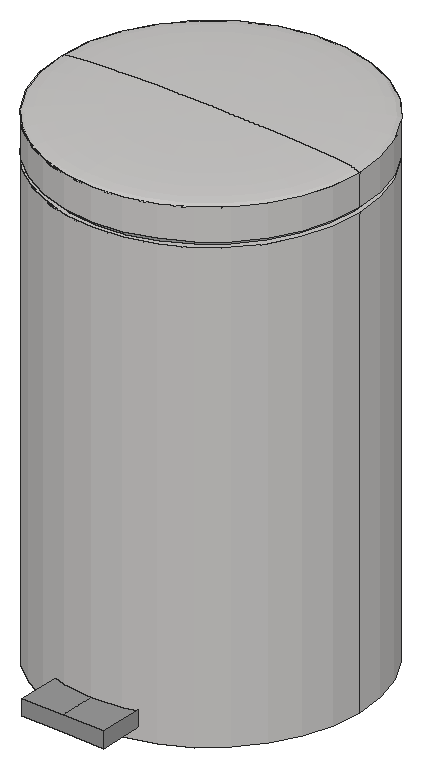
Revit family "Ведро педальное для мусора Brabantia", category Оборудование, Revit 2017
Family settings
  Размер круглого соединителя = Использовать радиус
  Тип детали = Вставляется
  На основе рабочей плоскости = Нет
  Всегда вертикально = Да
  При загрузке вырезать с полостями = Нет
  Общий = Нет
  Точка расчета площади = Нет
Parameters (values of type "20л")
  Ширина = 290.0 mm
  Радиус = Ширина / 2  # 145.0 mm
  Общ_Тип, марка = ""
  Общ_Примечание = ""
  Общ_Поставщик = "Brabantia"
  Общ_Позиция = ""
  Общ_Наименование = "Ведро для мусора с педалью, 20л, нержавеющая сталь"
  Общ_Масса = ""
  Общ_Код продукции = ""
  Общ_Единицы измерения = "шт."
  Keynote = ""
  Изготовитель = "Severin"
  До педали = Ширина / 2 - 15.0 mm  # 130.0 mm
  Диаметр-10 = Ширина - 10.0 mm  # 280.0 mm
  Глубина = 290.0 mm
  Высота = 470.0 mm
  5л = no
  20л = yes
  12л = no
Types (3, lengths in mm): name | Ширина | Радиус | Общ_Наименование | Изготовитель | До педали | Диаметр-10 | Глубина | Высота | 5л | 20л | 12л
  12л | 250.0 | 125.0 | "Бак для мусора с внутренним ведром, с педалью, 20л, нержавеющая сталь" | 0.0 | 110.0 | 240.0 | 250.0 | 410.0 | no | no | yes
  5л | 205.0 | 102.5 | "Бак для мусора с внутренним ведром, с педалью 5л сталь полированная" | 0.0 | 87.5 | 195.0 | 205.0 | 290.0 | yes | no | no
  20л | 290.0 | 145.0 | "Ведро для мусора с педалью, 20л, нержавеющая сталь" | "Severin" | 130.0 | 280.0 | 290.0 | 470.0 | no | yes | no
Reference planes
  plane 1 "По центру (Вперед/Назад)": y = 0
  plane 2: z = 0
  plane 3 "По центру (Влево/Вправо)": x = 0
  plane 4: z = 470
  plane 5: z = 440
  plane 6: z = 435
Forms (mm)
  Extrusion 1, solid, material "Сталь, нержавеющая, шлифованная", detail levels fine
    sketch origin (0, 0, 0) x (1, 0, 0) y (0, 1, 0)
      loop
        circle (0, 0) r 145
    from 0 to 435
  Extrusion 2, solid, material "Пластмасса, непрозрачная, черная"
    sketch origin (0, 0, 0) x (1, 0, 0) y (0, 0, 1)
      loop
        line (0, 25.994) -> (-40, 25.994) -> (-40, 10.994) -> (0, 10.994) -> (40, 10.994) -> (40, 25.994) -> (0, 25.994)
    from 130 to 180
  Revolve 3, solid, material "Сталь, нержавеющая, шлифованная", detail levels fine
    sketch origin (0, 0, 0) x (1, 0, 0) y (0, 0, 1)
      loop
        spline (145, 470) -> (143.76, 470.914) -> (140.059, 471.812) -> (133.963, 472.679) -> (125.574, 473.5) -> (115.036, 474.261) -> (102.53, 474.95) -> (88.27, 475.553) -> (72.5, 476.062) -> (55.489, 476.467) -> (37.529, 476.761) -> (18.926, 476.94) -> (0, 477)
        line (0, 477) -> (0, 470) -> (145, 470)
      axis (0, 477) -> (0, 470)
    angle from 0 to 360
  Extrusion 4, solid, material "Сталь, нержавеющая, шлифованная", detail levels fine
    sketch origin (0, 0, 0) x (1, 0, 0) y (0, 1, 0)
      loop
        circle (0, 0) r 145
    from 440 to 470
  Extrusion 5, solid, material "Пластмасса, непрозрачная, черная", detail levels fine
    sketch origin (0, 0, 0) x (1, 0, 0) y (0, 1, 0)
      loop
        circle (0, 0) r 140
    from 435 to 440
Lines and regions (mm)
  symbolic lines, visible <- "20л", detail levels coarse+medium
    curve 1: circle (0, 0, 0) r 145 normal (0, 0, 1)
  symbolic lines, visible <- "5л", detail levels coarse+medium
    curve 2: circle (0, 0, 0) r 102.5 normal (0, 0, 1)
  symbolic lines, visible <- "12л", detail levels coarse+medium
    curve 3: circle (0, 0, 0) r 125 normal (0, 0, 1)
Dimensions and locks
  "Высота": plane 4 to plane 2
  locked: plane 4 to plane 5 at 30
  locked: plane 5 to plane 6 at 5
  "Радиус": Revolve 3 sketch curve to Revolve 3 sketch curve
  "До педали": plane 1 "По центру (Вперед/Назад)" to Extrusion 2
  locked: Extrusion 2 to Extrusion 2 at 50
  "Ширина": diameter of Extrusion 1 sketch curve
  "Диаметр-10": diameter of Extrusion 5 sketch curve
  "Ширина": diameter of Extrusion 4 sketch curve
  aligned and locked: level to plane 2
  aligned and locked: Extrusion 4 to plane 5
  aligned and locked: plane 4 to Extrusion 4
  aligned and locked: Extrusion 5 to Extrusion 4
  aligned and locked: plane 5 to Extrusion 5
  aligned and locked: Extrusion 5 to plane 6
  aligned and locked: Extrusion 1 to Extrusion 5
Automatic sketch dimensions
  Extrusion 2 sketch curve to plane 3 "По центру (Влево/Вправо)" = 0.0 mm  (x2)
  level to Extrusion 2 sketch curve = 10.994 mm
  Extrusion 2 sketch curve to plane 3 "По центру (Влево/Вправо)" = 40.0 mm
  plane 3 "По центру (Влево/Вправо)" to Extrusion 2 sketch curve = 40.0 mm
  Extrusion 2 sketch curve to Extrusion 2 sketch curve = 15.0 mm
  curve 2 to curve 3 = 0.0 mm  (x4)
  curve 1 to curve 3 = 0.0 mm  (x4)
  curve 1 to curve 2 = 0.0 mm  (x2)
  plane 1 "По центру (Вперед/Назад)" to curve 2 = 0.0 mm
  curve 2 to plane 3 "По центру (Влево/Вправо)" = 0.0 mm
  plane 1 "По центру (Вперед/Назад)" to Extrusion 1 sketch curve = 0.0 mm
  Extrusion 1 sketch curve to plane 3 "По центру (Влево/Вправо)" = 0.0 mm
  Revolve 3 sketch curve to plane 4 = 0.0 mm
  Revolve 3 sketch curve to plane 3 "По центру (Влево/Вправо)" = 0.0 mm  (x2)
  plane 4 to Revolve 3 sketch curve = 7.0 mm
  Revolve 3 sketch curve to plane 6 = 10.0 mm
  Revolve 3 sketch curve to Revolve 3 sketch curve = 43.0 mm
  plane 1 "По центру (Вперед/Назад)" to Extrusion 4 sketch curve = 0.0 mm
  Extrusion 4 sketch curve to plane 3 "По центру (Влево/Вправо)" = 0.0 mm
  plane 1 "По центру (Вперед/Назад)" to Extrusion 5 sketch curve = 0.0 mm
  Extrusion 5 sketch curve to plane 3 "По центру (Влево/Вправо)" = 0.0 mm
  radius of curve 1 = 145.0 mm
  radius of curve 2 = 102.5 mm
  radius of curve 3 = 125.0 mm
